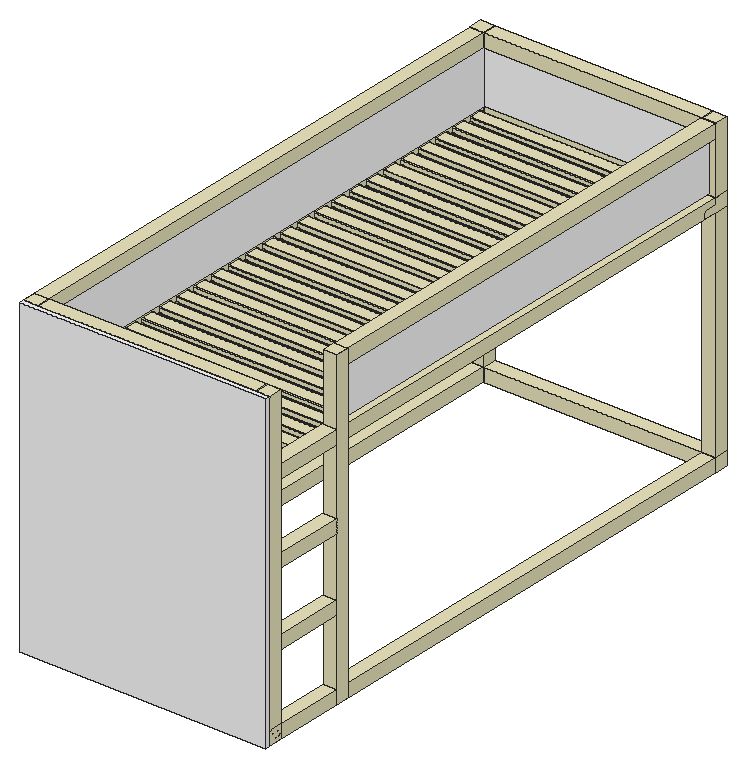
Revit family "Ikea KURA", category Furniture, Revit 2015
Parameters (values of type "2083 x 0915 x 1500mm")
  Frame Material = Wood - Birch
  Height = 1500.00 mm
  Length = 2090.00 mm
  Mattress Material = Textile - White
  Width = 910.00 mm
Types (2, lengths in mm): name | Height | Width
  2083 x 0915 x 1500mm | 1500.00 | 910.00
  KURA-Ikea | 1160.00 | 915.00
Reference planes
  plane 1: z = 0
  plane 2 "Center (Left/Right)": x = 405.982
  plane 3: y = 654.007
  plane 4: y = -1435.993
  plane 5: x = 860.982
  plane 6: x = -49.018
  plane 7: z = 914.182
  plane 8: z = 1160
  plane 9: y = 523.407
  plane 10: y = 167.807
Forms (mm)
  Extrusion 1, solid, material "Wood - Birch" <- "Frame Material"
    sketch origin (0, 0, 0) x (1, 0, 0) y (0, 1, 0)
      loop
        line (-49.018, 679.407) -> (-49.018, 628.607) -> (1.782, 628.607) -> (1.782, 679.407) -> (-49.018, 679.407)
      loop
        line (860.982, 679.407) -> (810.182, 679.407) -> (810.182, 628.607) -> (860.982, 628.607) -> (860.982, 679.407)
      loop
        line (-49.018, -1435.993) -> (1.782, -1435.993) -> (1.782, -1385.193) -> (-49.018, -1385.193) -> (-49.018, -1435.993)
      loop
        line (860.982, -1435.993) -> (860.982, -1385.193) -> (810.182, -1385.193) -> (810.182, -1435.993) -> (860.982, -1435.993)
    from 0 to 1160
  Extrusion 2, solid, material "Laminated wood"
    sketch origin (0, 0, 0) x (1, 0, 0) y (0, 1, 0)
      loop
        line (-23.618, 654.007) -> (-23.618, -1410.593) -> (810.182, -1410.593) -> (810.182, -1385.193) -> (1.782, -1385.193) -> (1.782, 628.607) -> (810.182, 628.607) -> (810.182, -1074.42) -> (835.582, -1074.42) -> (835.582, 654.007) -> (-23.618, 654.007)
    from 914.182 to 1109.2
  Extrusion 3, solid, material "Wood - Birch" <- "Frame Material"
    sketch origin (-0.8, -0.4, 1160) x (1, 0, 0) y (0, 1, 0)
      loop
        line (1.782, 679.807) -> (1.782, 629.007) -> (810.182, 629.007) -> (810.182, 679.807) -> (1.782, 679.807)
      loop
        line (1.782, -1435.593) -> (810.182, -1435.593) -> (810.182, -1384.793) -> (1.782, -1384.793) -> (1.782, -1435.593)
    from -50.8 to 0
  Extrusion 4, solid, material "Wood - Birch" <- "Frame Material"
    sketch origin (-23.618, -1410.593, 1109.2) x (0, 0, -1) y (1, 0, 0)
      loop
        line (1109.2, -25.4) -> (1109.2, 25.4) -> (1059.2, 25.4) -> (1059.2, -25.4) -> (1109.2, -25.4)
    from -2090 to 25.4
  Extrusion 5, solid, material "Wood - Birch" <- "Frame Material"
    sketch origin (947.71, -1432.493, 355.6) x (0, 0, -1) y (1, 0, 0)
      loop
        line (355.6, -86.728) -> (305.6, -86.728) -> (305.6, -137.528) -> (355.6, -137.528) -> (355.6, -86.728)
    from -2111.9 to 3.5
  Extrusion 6, solid, material "Wood - Birch" <- "Frame Material"
    sketch origin (0, 0, 0) x (1, 0, 0) y (0, 1, 0)
      loop
        line (-49.018, -1385.193) -> (-49.018, -1435.993) -> (860.982, -1435.993) -> (860.982, -1385.193) -> (-49.018, -1385.193)
    from 0 to 50
  Extrusion 7, solid, material "Wood - Birch" <- "Frame Material"
    sketch origin (0, 0, 0) x (1, 0, 0) y (0, 1, 0)
      loop
        line (-49.018, 679.407) -> (-49.018, 628.607) -> (860.982, 628.607) -> (860.982, 679.407) -> (-49.018, 679.407)
    from 0 to 50
  Extrusion 8, solid, material "Wood - Birch" <- "Frame Material"
    sketch origin (-23.618, -1410.593, 1973.382) x (0, 0, -1) y (1, 0, 0)
      loop
        line (1059.2, -25.4) -> (1109.2, -25.4) -> (1109.2, 75.4) -> (1084.2, 75.4) -> (1084.2, 25.4) -> (1059.2, 25.4) -> (1059.2, -25.4)
    from -2090 to 25.4
  Extrusion 9, solid, material "Wood - Birch" <- "Frame Material"
    sketch origin (947.71, -1432.493, 1219.782) x (0, 0, -1) y (1, 0, 0)
      loop
        line (355.6, -86.728) -> (305.6, -86.728) -> (305.6, -137.528) -> (330.6, -137.528) -> (330.6, -187.528) -> (355.6, -187.528) -> (355.6, -86.728)
    from -2111.9 to 3.5
  Extrusion 10, solid, material "Wood - Birch" <- "Frame Material"
    sketch origin (-23.618, -1410.593, 2218.4) x (0, 0, -1) y (1, 0, 0)
      loop
        line (1109.2, -25.4) -> (1109.2, 25.4) -> (1058.4, 25.4) -> (1058.4, -25.4) -> (1109.2, -25.4)
    from -2090 to 25.4
  Extrusion 11, solid, material "Wood - Birch" <- "Frame Material"
    sketch origin (947.71, -1432.493, 1464.8) x (0, 0, -1) y (1, 0, 0)
      loop
        line (355.6, -86.728) -> (304.8, -86.728) -> (304.8, -137.528) -> (355.6, -137.528) -> (355.6, -86.728)
    from -2111.9 to -308
  Extrusion 12, solid, material "Wood - Birch" <- "Frame Material"
    sketch origin (810.182, -1410.593, 1109.2) x (0, 0, -1) y (0, 1, 0)
      loop
        line (195.018, -25.4) -> (245.018, -25.4) -> (245.018, 75.4) -> (220.018, 75.4) -> (220.018, 25.4) -> (195.018, 25.4) -> (195.018, -25.4)
    from 0 to -859.2
  Extrusion 13, solid, material "Wood - Birch" <- "Frame Material"
    sketch origin (810.182, -1410.593, 1109.2) x (0, 0, -1) y (0, 1, 0)
      loop
        line (195.018, 2039.2) -> (220.018, 2039.2) -> (220.018, 1989.2) -> (245.018, 1989.2) -> (245.018, 2039.2) -> (245.018, 2090) -> (195.018, 2090) -> (195.018, 2039.2)
    from -859.2 to 50.8
  Extrusion 14, solid, material "Laminated wood"
    sketch origin (860.982, -1435.993, 1160) x (0, 0, -1) y (0, 1, 0)
      loop
        line (0, 0) -> (0, -19.326) -> (1160, -19.326) -> (1160, 0) -> (0, 0)
    from -910 to 0
  Extrusion 15, solid, material "Wood - Birch" <- "Frame Material"
    sketch origin (0, 0, 0) x (1, 0, 0) y (0, 1, 0)
      loop
        line (810.182, -1124.493) -> (860.982, -1124.493) -> (860.982, -1074.42) -> (810.182, -1074.42) -> (810.182, -1124.493)
    from 0 to 1160
  Extrusion 16, solid, material "Wood - Birch" <- "Frame Material"
    sketch origin (860.982, -1124.493, 0) x (0, 1, 0) y (0, 0, -1)
      loop
        line (-260.7, -346.39) -> (0, -346.39) -> (0, -296.39) -> (-260.7, -296.39) -> (-260.7, -346.39)
      loop
        line (-260.7, -617.78) -> (0, -617.78) -> (0, -567.78) -> (-260.7, -567.78) -> (-260.7, -617.78)
    from 0 to 50.8
  Extrusion 17, solid, material "Wood - Birch" <- "Frame Material"
    sketch origin (860.982, -1432.493, 1159.2) x (0, 0, -1) y (0, 1, 0)
      loop
        arc (250.018, 76.811) -> (250.604, 75.396) -> (252.018, 74.811) r 2
        line (252.018, 74.811) -> (268.018, 74.811)
        arc (268.018, 74.811) -> (269.433, 75.396) -> (270.018, 76.811) r 2
        line (270.018, 76.811) -> (270.018, 122.811)
        arc (270.018, 122.811) -> (269.433, 124.225) -> (268.018, 124.811) r 2
        line (268.018, 124.811) -> (252.018, 124.811)
        arc (252.018, 124.811) -> (250.604, 124.225) -> (250.018, 122.811) r 2
        line (250.018, 122.811) -> (250.018, 76.811)
    from -859.2 to -50.8
  Extrusion 18, solid, material "Wood - Birch" <- "Frame Material"
    sketch origin (860.982, -1352.493, 1159.2) x (0, 0, -1) y (0, 1, 0)
      loop
        arc (250.018, 76.811) -> (250.604, 75.396) -> (252.018, 74.811) r 2
        line (252.018, 74.811) -> (268.018, 74.811)
        arc (268.018, 74.811) -> (269.433, 75.396) -> (270.018, 76.811) r 2
        line (270.018, 76.811) -> (270.018, 122.811)
        arc (270.018, 122.811) -> (269.433, 124.225) -> (268.018, 124.811) r 2
        line (268.018, 124.811) -> (252.018, 124.811)
        arc (252.018, 124.811) -> (250.604, 124.225) -> (250.018, 122.811) r 2
        line (250.018, 122.811) -> (250.018, 76.811)
    from -859.2 to -50.8
  Extrusion 19, solid, material "Wood - Birch" <- "Frame Material"
    sketch origin (860.982, -1272.493, 1159.2) x (0, 0, -1) y (0, 1, 0)
      loop
        arc (250.018, 76.811) -> (250.604, 75.396) -> (252.018, 74.811) r 2
        line (252.018, 74.811) -> (268.018, 74.811)
        arc (268.018, 74.811) -> (269.433, 75.396) -> (270.018, 76.811) r 2
        line (270.018, 76.811) -> (270.018, 122.811)
        arc (270.018, 122.811) -> (269.433, 124.225) -> (268.018, 124.811) r 2
        line (268.018, 124.811) -> (252.018, 124.811)
        arc (252.018, 124.811) -> (250.604, 124.225) -> (250.018, 122.811) r 2
        line (250.018, 122.811) -> (250.018, 76.811)
    from -859.2 to -50.8
  Extrusion 20, solid, material "Wood - Birch" <- "Frame Material"
    sketch origin (860.982, -1192.493, 1159.2) x (0, 0, -1) y (0, 1, 0)
      loop
        arc (250.018, 76.811) -> (250.604, 75.396) -> (252.018, 74.811) r 2
        line (252.018, 74.811) -> (268.018, 74.811)
        arc (268.018, 74.811) -> (269.433, 75.396) -> (270.018, 76.811) r 2
        line (270.018, 76.811) -> (270.018, 122.811)
        arc (270.018, 122.811) -> (269.433, 124.225) -> (268.018, 124.811) r 2
        line (268.018, 124.811) -> (252.018, 124.811)
        arc (252.018, 124.811) -> (250.604, 124.225) -> (250.018, 122.811) r 2
        line (250.018, 122.811) -> (250.018, 76.811)
    from -859.2 to -50.8
  Extrusion 21, solid, material "Wood - Birch" <- "Frame Material"
    sketch origin (860.982, -1112.493, 1159.2) x (0, 0, -1) y (0, 1, 0)
      loop
        arc (250.018, 76.811) -> (250.604, 75.396) -> (252.018, 74.811) r 2
        line (252.018, 74.811) -> (268.018, 74.811)
        arc (268.018, 74.811) -> (269.433, 75.396) -> (270.018, 76.811) r 2
        line (270.018, 76.811) -> (270.018, 122.811)
        arc (270.018, 122.811) -> (269.433, 124.225) -> (268.018, 124.811) r 2
        line (268.018, 124.811) -> (252.018, 124.811)
        arc (252.018, 124.811) -> (250.604, 124.225) -> (250.018, 122.811) r 2
        line (250.018, 122.811) -> (250.018, 76.811)
    from -859.2 to -50.8
  Extrusion 22, solid, material "Wood - Birch" <- "Frame Material"
    sketch origin (860.982, -1032.493, 1159.2) x (0, 0, -1) y (0, 1, 0)
      loop
        arc (250.018, 76.811) -> (250.604, 75.396) -> (252.018, 74.811) r 2
        line (252.018, 74.811) -> (268.018, 74.811)
        arc (268.018, 74.811) -> (269.433, 75.396) -> (270.018, 76.811) r 2
        line (270.018, 76.811) -> (270.018, 122.811)
        arc (270.018, 122.811) -> (269.433, 124.225) -> (268.018, 124.811) r 2
        line (268.018, 124.811) -> (252.018, 124.811)
        arc (252.018, 124.811) -> (250.604, 124.225) -> (250.018, 122.811) r 2
        line (250.018, 122.811) -> (250.018, 76.811)
    from -859.2 to -50.8
  Extrusion 23, solid, material "Wood - Birch" <- "Frame Material"
    sketch origin (860.982, -952.493, 1159.2) x (0, 0, -1) y (0, 1, 0)
      loop
        arc (250.018, 76.811) -> (250.604, 75.396) -> (252.018, 74.811) r 2
        line (252.018, 74.811) -> (268.018, 74.811)
        arc (268.018, 74.811) -> (269.433, 75.396) -> (270.018, 76.811) r 2
        line (270.018, 76.811) -> (270.018, 122.811)
        arc (270.018, 122.811) -> (269.433, 124.225) -> (268.018, 124.811) r 2
        line (268.018, 124.811) -> (252.018, 124.811)
        arc (252.018, 124.811) -> (250.604, 124.225) -> (250.018, 122.811) r 2
        line (250.018, 122.811) -> (250.018, 76.811)
    from -859.2 to -50.8
  Extrusion 24, solid, material "Wood - Birch" <- "Frame Material"
    sketch origin (860.982, -872.493, 1159.2) x (0, 0, -1) y (0, 1, 0)
      loop
        arc (250.018, 76.811) -> (250.604, 75.396) -> (252.018, 74.811) r 2
        line (252.018, 74.811) -> (268.018, 74.811)
        arc (268.018, 74.811) -> (269.433, 75.396) -> (270.018, 76.811) r 2
        line (270.018, 76.811) -> (270.018, 122.811)
        arc (270.018, 122.811) -> (269.433, 124.225) -> (268.018, 124.811) r 2
        line (268.018, 124.811) -> (252.018, 124.811)
        arc (252.018, 124.811) -> (250.604, 124.225) -> (250.018, 122.811) r 2
        line (250.018, 122.811) -> (250.018, 76.811)
    from -859.2 to -50.8
  Extrusion 25, solid, material "Wood - Birch" <- "Frame Material"
    sketch origin (860.982, -792.493, 1159.2) x (0, 0, -1) y (0, 1, 0)
      loop
        arc (250.018, 76.811) -> (250.604, 75.396) -> (252.018, 74.811) r 2
        line (252.018, 74.811) -> (268.018, 74.811)
        arc (268.018, 74.811) -> (269.433, 75.396) -> (270.018, 76.811) r 2
        line (270.018, 76.811) -> (270.018, 122.811)
        arc (270.018, 122.811) -> (269.433, 124.225) -> (268.018, 124.811) r 2
        line (268.018, 124.811) -> (252.018, 124.811)
        arc (252.018, 124.811) -> (250.604, 124.225) -> (250.018, 122.811) r 2
        line (250.018, 122.811) -> (250.018, 76.811)
    from -859.2 to -50.8
  Extrusion 26, solid, material "Wood - Birch" <- "Frame Material"
    sketch origin (860.982, -712.493, 1159.2) x (0, 0, -1) y (0, 1, 0)
      loop
        arc (250.018, 76.811) -> (250.604, 75.396) -> (252.018, 74.811) r 2
        line (252.018, 74.811) -> (268.018, 74.811)
        arc (268.018, 74.811) -> (269.433, 75.396) -> (270.018, 76.811) r 2
        line (270.018, 76.811) -> (270.018, 122.811)
        arc (270.018, 122.811) -> (269.433, 124.225) -> (268.018, 124.811) r 2
        line (268.018, 124.811) -> (252.018, 124.811)
        arc (252.018, 124.811) -> (250.604, 124.225) -> (250.018, 122.811) r 2
        line (250.018, 122.811) -> (250.018, 76.811)
    from -859.2 to -50.8
  Extrusion 27, solid, material "Wood - Birch" <- "Frame Material"
    sketch origin (860.982, -632.493, 1159.2) x (0, 0, -1) y (0, 1, 0)
      loop
        arc (250.018, 76.811) -> (250.604, 75.396) -> (252.018, 74.811) r 2
        line (252.018, 74.811) -> (268.018, 74.811)
        arc (268.018, 74.811) -> (269.433, 75.396) -> (270.018, 76.811) r 2
        line (270.018, 76.811) -> (270.018, 122.811)
        arc (270.018, 122.811) -> (269.433, 124.225) -> (268.018, 124.811) r 2
        line (268.018, 124.811) -> (252.018, 124.811)
        arc (252.018, 124.811) -> (250.604, 124.225) -> (250.018, 122.811) r 2
        line (250.018, 122.811) -> (250.018, 76.811)
    from -859.2 to -50.8
  Extrusion 28, solid, material "Wood - Birch" <- "Frame Material"
    sketch origin (860.982, -552.493, 1159.2) x (0, 0, -1) y (0, 1, 0)
      loop
        arc (250.018, 76.811) -> (250.604, 75.396) -> (252.018, 74.811) r 2
        line (252.018, 74.811) -> (268.018, 74.811)
        arc (268.018, 74.811) -> (269.433, 75.396) -> (270.018, 76.811) r 2
        line (270.018, 76.811) -> (270.018, 122.811)
        arc (270.018, 122.811) -> (269.433, 124.225) -> (268.018, 124.811) r 2
        line (268.018, 124.811) -> (252.018, 124.811)
        arc (252.018, 124.811) -> (250.604, 124.225) -> (250.018, 122.811) r 2
        line (250.018, 122.811) -> (250.018, 76.811)
    from -859.2 to -50.8
  Extrusion 29, solid, material "Wood - Birch" <- "Frame Material"
    sketch origin (860.982, -472.493, 1159.2) x (0, 0, -1) y (0, 1, 0)
      loop
        arc (250.018, 76.811) -> (250.604, 75.396) -> (252.018, 74.811) r 2
        line (252.018, 74.811) -> (268.018, 74.811)
        arc (268.018, 74.811) -> (269.433, 75.396) -> (270.018, 76.811) r 2
        line (270.018, 76.811) -> (270.018, 122.811)
        arc (270.018, 122.811) -> (269.433, 124.225) -> (268.018, 124.811) r 2
        line (268.018, 124.811) -> (252.018, 124.811)
        arc (252.018, 124.811) -> (250.604, 124.225) -> (250.018, 122.811) r 2
        line (250.018, 122.811) -> (250.018, 76.811)
    from -859.2 to -50.8
  Extrusion 30, solid, material "Wood - Birch" <- "Frame Material"
    sketch origin (860.982, -392.493, 1159.2) x (0, 0, -1) y (0, 1, 0)
      loop
        arc (250.018, 76.811) -> (250.604, 75.396) -> (252.018, 74.811) r 2
        line (252.018, 74.811) -> (268.018, 74.811)
        arc (268.018, 74.811) -> (269.433, 75.396) -> (270.018, 76.811) r 2
        line (270.018, 76.811) -> (270.018, 122.811)
        arc (270.018, 122.811) -> (269.433, 124.225) -> (268.018, 124.811) r 2
        line (268.018, 124.811) -> (252.018, 124.811)
        arc (252.018, 124.811) -> (250.604, 124.225) -> (250.018, 122.811) r 2
        line (250.018, 122.811) -> (250.018, 76.811)
    from -859.2 to -50.8
  Extrusion 31, solid, material "Wood - Birch" <- "Frame Material"
    sketch origin (860.982, -312.493, 1159.2) x (0, 0, -1) y (0, 1, 0)
      loop
        arc (250.018, 76.811) -> (250.604, 75.396) -> (252.018, 74.811) r 2
        line (252.018, 74.811) -> (268.018, 74.811)
        arc (268.018, 74.811) -> (269.433, 75.396) -> (270.018, 76.811) r 2
        line (270.018, 76.811) -> (270.018, 122.811)
        arc (270.018, 122.811) -> (269.433, 124.225) -> (268.018, 124.811) r 2
        line (268.018, 124.811) -> (252.018, 124.811)
        arc (252.018, 124.811) -> (250.604, 124.225) -> (250.018, 122.811) r 2
        line (250.018, 122.811) -> (250.018, 76.811)
    from -859.2 to -50.8
  Extrusion 32, solid, material "Wood - Birch" <- "Frame Material"
    sketch origin (860.982, -232.493, 1159.2) x (0, 0, -1) y (0, 1, 0)
      loop
        arc (250.018, 76.811) -> (250.604, 75.396) -> (252.018, 74.811) r 2
        line (252.018, 74.811) -> (268.018, 74.811)
        arc (268.018, 74.811) -> (269.433, 75.396) -> (270.018, 76.811) r 2
        line (270.018, 76.811) -> (270.018, 122.811)
        arc (270.018, 122.811) -> (269.433, 124.225) -> (268.018, 124.811) r 2
        line (268.018, 124.811) -> (252.018, 124.811)
        arc (252.018, 124.811) -> (250.604, 124.225) -> (250.018, 122.811) r 2
        line (250.018, 122.811) -> (250.018, 76.811)
    from -859.2 to -50.8
  Extrusion 33, solid, material "Wood - Birch" <- "Frame Material"
    sketch origin (860.982, -152.493, 1159.2) x (0, 0, -1) y (0, 1, 0)
      loop
        arc (250.018, 76.811) -> (250.604, 75.396) -> (252.018, 74.811) r 2
        line (252.018, 74.811) -> (268.018, 74.811)
        arc (268.018, 74.811) -> (269.433, 75.396) -> (270.018, 76.811) r 2
        line (270.018, 76.811) -> (270.018, 122.811)
        arc (270.018, 122.811) -> (269.433, 124.225) -> (268.018, 124.811) r 2
        line (268.018, 124.811) -> (252.018, 124.811)
        arc (252.018, 124.811) -> (250.604, 124.225) -> (250.018, 122.811) r 2
        line (250.018, 122.811) -> (250.018, 76.811)
    from -859.2 to -50.8
  Extrusion 34, solid, material "Wood - Birch" <- "Frame Material"
    sketch origin (860.982, -72.493, 1159.2) x (0, 0, -1) y (0, 1, 0)
      loop
        arc (250.018, 76.811) -> (250.604, 75.396) -> (252.018, 74.811) r 2
        line (252.018, 74.811) -> (268.018, 74.811)
        arc (268.018, 74.811) -> (269.433, 75.396) -> (270.018, 76.811) r 2
        line (270.018, 76.811) -> (270.018, 122.811)
        arc (270.018, 122.811) -> (269.433, 124.225) -> (268.018, 124.811) r 2
        line (268.018, 124.811) -> (252.018, 124.811)
        arc (252.018, 124.811) -> (250.604, 124.225) -> (250.018, 122.811) r 2
        line (250.018, 122.811) -> (250.018, 76.811)
    from -859.2 to -50.8
  Extrusion 35, solid, material "Wood - Birch" <- "Frame Material"
    sketch origin (860.982, 7.507, 1159.2) x (0, 0, -1) y (0, 1, 0)
      loop
        arc (250.018, 76.811) -> (250.604, 75.396) -> (252.018, 74.811) r 2
        line (252.018, 74.811) -> (268.018, 74.811)
        arc (268.018, 74.811) -> (269.433, 75.396) -> (270.018, 76.811) r 2
        line (270.018, 76.811) -> (270.018, 122.811)
        arc (270.018, 122.811) -> (269.433, 124.225) -> (268.018, 124.811) r 2
        line (268.018, 124.811) -> (252.018, 124.811)
        arc (252.018, 124.811) -> (250.604, 124.225) -> (250.018, 122.811) r 2
        line (250.018, 122.811) -> (250.018, 76.811)
    from -859.2 to -50.8
  Extrusion 36, solid, material "Wood - Birch" <- "Frame Material"
    sketch origin (860.982, 87.507, 1159.2) x (0, 0, -1) y (0, 1, 0)
      loop
        arc (250.018, 76.811) -> (250.604, 75.396) -> (252.018, 74.811) r 2
        line (252.018, 74.811) -> (268.018, 74.811)
        arc (268.018, 74.811) -> (269.433, 75.396) -> (270.018, 76.811) r 2
        line (270.018, 76.811) -> (270.018, 122.811)
        arc (270.018, 122.811) -> (269.433, 124.225) -> (268.018, 124.811) r 2
        line (268.018, 124.811) -> (252.018, 124.811)
        arc (252.018, 124.811) -> (250.604, 124.225) -> (250.018, 122.811) r 2
        line (250.018, 122.811) -> (250.018, 76.811)
    from -859.2 to -50.8
  Extrusion 37, solid, material "Wood - Birch" <- "Frame Material"
    sketch origin (860.982, 167.507, 1159.2) x (0, 0, -1) y (0, 1, 0)
      loop
        arc (250.018, 76.811) -> (250.604, 75.396) -> (252.018, 74.811) r 2
        line (252.018, 74.811) -> (268.018, 74.811)
        arc (268.018, 74.811) -> (269.433, 75.396) -> (270.018, 76.811) r 2
        line (270.018, 76.811) -> (270.018, 122.811)
        arc (270.018, 122.811) -> (269.433, 124.225) -> (268.018, 124.811) r 2
        line (268.018, 124.811) -> (252.018, 124.811)
        arc (252.018, 124.811) -> (250.604, 124.225) -> (250.018, 122.811) r 2
        line (250.018, 122.811) -> (250.018, 76.811)
    from -859.2 to -50.8
  Extrusion 38, solid, material "Wood - Birch" <- "Frame Material"
    sketch origin (860.982, 247.507, 1159.2) x (0, 0, -1) y (0, 1, 0)
      loop
        arc (250.018, 76.811) -> (250.604, 75.396) -> (252.018, 74.811) r 2
        line (252.018, 74.811) -> (268.018, 74.811)
        arc (268.018, 74.811) -> (269.433, 75.396) -> (270.018, 76.811) r 2
        line (270.018, 76.811) -> (270.018, 122.811)
        arc (270.018, 122.811) -> (269.433, 124.225) -> (268.018, 124.811) r 2
        line (268.018, 124.811) -> (252.018, 124.811)
        arc (252.018, 124.811) -> (250.604, 124.225) -> (250.018, 122.811) r 2
        line (250.018, 122.811) -> (250.018, 76.811)
    from -859.2 to -50.8
  Extrusion 39, solid, material "Wood - Birch" <- "Frame Material"
    sketch origin (860.982, 327.507, 1159.2) x (0, 0, -1) y (0, 1, 0)
      loop
        arc (250.018, 76.811) -> (250.604, 75.396) -> (252.018, 74.811) r 2
        line (252.018, 74.811) -> (268.018, 74.811)
        arc (268.018, 74.811) -> (269.433, 75.396) -> (270.018, 76.811) r 2
        line (270.018, 76.811) -> (270.018, 122.811)
        arc (270.018, 122.811) -> (269.433, 124.225) -> (268.018, 124.811) r 2
        line (268.018, 124.811) -> (252.018, 124.811)
        arc (252.018, 124.811) -> (250.604, 124.225) -> (250.018, 122.811) r 2
        line (250.018, 122.811) -> (250.018, 76.811)
    from -859.2 to -50.8
  Extrusion 40, solid, material "Wood - Birch" <- "Frame Material"
    sketch origin (860.982, 407.507, 1159.2) x (0, 0, -1) y (0, 1, 0)
      loop
        arc (250.018, 76.811) -> (250.604, 75.396) -> (252.018, 74.811) r 2
        line (252.018, 74.811) -> (268.018, 74.811)
        arc (268.018, 74.811) -> (269.433, 75.396) -> (270.018, 76.811) r 2
        line (270.018, 76.811) -> (270.018, 122.811)
        arc (270.018, 122.811) -> (269.433, 124.225) -> (268.018, 124.811) r 2
        line (268.018, 124.811) -> (252.018, 124.811)
        arc (252.018, 124.811) -> (250.604, 124.225) -> (250.018, 122.811) r 2
        line (250.018, 122.811) -> (250.018, 76.811)
    from -859.2 to -50.8
  Extrusion 41, solid, material "Wood - Birch" <- "Frame Material"
    sketch origin (860.982, 487.507, 1159.2) x (0, 0, -1) y (0, 1, 0)
      loop
        arc (250.018, 76.811) -> (250.604, 75.396) -> (252.018, 74.811) r 2
        line (252.018, 74.811) -> (268.018, 74.811)
        arc (268.018, 74.811) -> (269.433, 75.396) -> (270.018, 76.811) r 2
        line (270.018, 76.811) -> (270.018, 122.811)
        arc (270.018, 122.811) -> (269.433, 124.225) -> (268.018, 124.811) r 2
        line (268.018, 124.811) -> (252.018, 124.811)
        arc (252.018, 124.811) -> (250.604, 124.225) -> (250.018, 122.811) r 2
        line (250.018, 122.811) -> (250.018, 76.811)
    from -859.2 to -50.8
Lines and regions (mm)
  symbolic lines
    curve 1: line (-49.018, 654.007, 0) -> (860.982, 654.007, 0)
    curve 2: line (-49.018, 654.007, 0) -> (-49.018, -1435.993, 0)
    curve 3: line (-49.018, -1435.993, 0) -> (860.982, -1435.993, 0)
    curve 4: line (860.982, 654.007, 0) -> (860.982, -1435.993, 0)
    curve 5: line (-49.018, 654.007, 0) -> (1.782, 654.007, 0)
    curve 6: line (-49.018, 654.007, 0) -> (-49.018, 603.207, 0)
    curve 7: line (-49.018, 603.207, 0) -> (1.782, 603.207, 0)
    curve 8: line (1.782, 654.007, 0) -> (1.782, 603.207, 0)
    curve 9: line (810.182, 603.207, 0) -> (860.982, 603.207, 0)
    curve 10: line (810.182, 603.207, 0) -> (810.182, 654.007, 0)
    curve 11: line (810.182, 654.007, 0) -> (860.982, 654.007, 0)
    curve 12: line (860.982, 603.207, 0) -> (860.982, 654.007, 0)
    curve 13: line (1.782, -1385.193, 0) -> (-49.018, -1385.193, 0)
    curve 14: line (1.782, -1385.193, 0) -> (1.782, -1435.993, 0)
    curve 15: line (1.782, -1435.993, 0) -> (-49.018, -1435.993, 0)
    curve 16: line (-49.018, -1385.193, 0) -> (-49.018, -1435.993, 0)
    curve 17: line (860.982, -1435.993, 0) -> (810.182, -1435.993, 0)
    curve 18: line (860.982, -1435.993, 0) -> (860.982, -1385.193, 0)
    curve 19: line (860.982, -1385.193, 0) -> (810.182, -1385.193, 0)
    curve 20: line (810.182, -1435.993, 0) -> (810.182, -1385.193, 0)
    curve 21: line (154.182, 523.507, 0) -> (505.382, 523.507, 0)
    curve 22: line (154.182, 523.507, 0) -> (154.182, 167.907, 0)
    curve 23: line (154.182, 167.907, 0) -> (505.382, 167.907, 0)
    curve 24: line (505.382, 523.507, 0) -> (505.382, 167.907, 0)
    curve 25: line (835.582, 167.907, 0) -> (-23.618, -63.494, 0)
    curve 26: line (-23.618, 603.207, 0) -> (835.582, 603.207, 0)
    curve 27: line (-23.618, 603.207, 0) -> (-23.618, -1385.193, 0)
    curve 28: line (-23.618, -1385.193, 0) -> (820.582, -1385.193, 0)
    curve 29: line (835.582, 603.207, 0) -> (835.582, -1385.193, 0)
    curve 30: line (820.582, -1385.193, 0) -> (835.582, -1385.193, 0)
Dimensions and locks
  equal spacing: plane 6, plane 2 "Center (Left/Right)", plane 5
  plane 4 to plane 3 = 2090.00 mm  (x2)
  "Width": plane 6 to plane 5
  "Length": plane 4 to plane 3
  plane 1 to plane 8 = 1160.00 mm
  Extrusion 2 to curve 22 = 177.80 mm
  curve 24 to Extrusion 2 = 304.80 mm
  locked: curve 23 to curve 21 at 355.6
  Extrusion 3 to Extrusion 2 = 195.018 mm
  Extrusion 5 to Extrusion 9 = 814.182 mm
  aligned and locked: Extrusion 1 to plane 8
Automatic sketch dimensions
  plane 3 to curve 1 = 0.00 mm
  curve 1 to plane 6 = 0.00 mm
  plane 4 to curve 15 = 0.00 mm
  curve 18 to plane 5 = 0.00 mm
  curve 27 to plane 6 = 25.40 mm
  curve 8 to plane 6 = 50.80 mm
  curve 2 to curve 15 = 50.80 mm
  plane 5 to curve 17 = 50.80 mm
  plane 5 to curve 11 = 50.80 mm
  curve 19 to curve 30 = 10.40 mm
  plane 5 to curve 26 = 25.40 mm
  curve 17 to curve 19 = 50.80 mm
  curve 27 to plane 4 = 50.80 mm
  curve 16 to curve 27 = 0.00 mm
  plane 10 to curve 24 = 0.10 mm
  curve 7 to curve 5 = 50.80 mm
  curve 6 to curve 27 = 0.00 mm
  curve 9 to curve 26 = 0.00 mm
  curve 25 to plane 10 = 231.301 mm
  plane 10 to curve 25 = 0.10 mm
  Extrusion 1 sketch curve to plane 6 = 0.00 mm  (x2)
  plane 4 to Extrusion 1 sketch curve = 0.00 mm  (x2)
  Extrusion 1 sketch curve to plane 5 = 0.00 mm  (x2)
  Extrusion 1 sketch curve to Extrusion 1 sketch curve = 50.80 mm  (x3)
  plane 5 to Extrusion 1 sketch curve = 50.80 mm
  Extrusion 1 sketch curve to plane 4 = 50.80 mm  (x2)
  plane 3 to Extrusion 1 sketch curve = 25.40 mm  (x2)
  Extrusion 1 sketch curve to plane 3 = 25.40 mm  (x2)
  plane 3 to Extrusion 2 sketch curve = 0.00 mm
  Extrusion 2 sketch curve to plane 6 = 25.40 mm
  Extrusion 2 sketch curve to Extrusion 2 sketch curve = 25.40 mm  (x2)
  plane 3 to Extrusion 2 sketch curve = 25.40 mm
  plane 5 to Extrusion 2 sketch curve = 50.80 mm  (x2)
  Extrusion 2 sketch curve to plane 4 = 25.40 mm
  plane 5 to Extrusion 2 sketch curve = 25.40 mm
  Extrusion 2 sketch curve to Extrusion 2 sketch curve = 310.773 mm
  Extrusion 3 sketch curve to Extrusion 1 = 0.00 mm  (x2)
  Extrusion 1 to Extrusion 3 sketch curve = 0.00 mm  (x2)
  Extrusion 3 sketch curve to Extrusion 1 = 0.80 mm  (x2)
  Extrusion 1 to Extrusion 3 sketch curve = 0.80 mm  (x2)
  Extrusion 2 to Extrusion 4 sketch curve = 25.40 mm
  Extrusion 4 sketch curve to Extrusion 2 = 864.182 mm
  Extrusion 4 sketch curve to Extrusion 4 sketch curve = 50.00 mm
  Extrusion 4 sketch curve to Extrusion 2 = 25.40 mm
  plane 5 to Extrusion 5 sketch curve = 0.00 mm
  Extrusion 5 sketch curve to level = 0.00 mm
  level to Extrusion 5 sketch curve = 50.00 mm
  Extrusion 5 sketch curve to Extrusion 5 sketch curve = 50.80 mm
  plane 4 to Extrusion 6 sketch curve = 0.00 mm
  Extrusion 6 sketch curve to plane 6 = 0.00 mm
  Extrusion 6 sketch curve to plane 5 = 0.00 mm
  Extrusion 6 sketch curve to plane 4 = 50.80 mm
  Extrusion 7 sketch curve to plane 6 = 0.00 mm
  Extrusion 7 sketch curve to plane 5 = 0.00 mm
  plane 3 to Extrusion 7 sketch curve = 25.40 mm
  Extrusion 7 sketch curve to plane 3 = 25.40 mm
  Extrusion 8 sketch curve to Extrusion 2 = 0.00 mm
  Extrusion 8 sketch curve to Extrusion 2 = 25.00 mm
  Extrusion 8 sketch curve to Extrusion 2 = 50.00 mm
  Extrusion 2 to Extrusion 8 sketch curve = 25.40 mm
  Extrusion 8 sketch curve to Extrusion 2 = 25.40 mm
  Extrusion 8 sketch curve to Extrusion 8 sketch curve = 50.00 mm
  Extrusion 9 sketch curve to plane 7 = 0.00 mm
  plane 5 to Extrusion 9 sketch curve = 0.00 mm
  plane 7 to Extrusion 9 sketch curve = 25.00 mm
  Extrusion 9 sketch curve to Extrusion 9 sketch curve = 25.00 mm
  Extrusion 9 sketch curve to Extrusion 9 sketch curve = 50.80 mm
  Extrusion 9 sketch curve to Extrusion 9 sketch curve = 50.00 mm
  Extrusion 10 sketch curve to Extrusion 2 = 0.00 mm
  Extrusion 10 sketch curve to Extrusion 10 sketch curve = 50.80 mm
  Extrusion 2 to Extrusion 10 sketch curve = 25.40 mm
  Extrusion 10 sketch curve to Extrusion 2 = 25.40 mm
  plane 5 to Extrusion 11 sketch curve = 0.00 mm
  Extrusion 11 sketch curve to plane 8 = 0.00 mm
  Extrusion 11 sketch curve to Extrusion 11 sketch curve = 50.80 mm  (x2)
  Extrusion 12 sketch curve to Extrusion 2 = 0.00 mm  (x2)
  Extrusion 12 sketch curve to Extrusion 2 = 25.00 mm
  Extrusion 12 sketch curve to Extrusion 2 = 50.00 mm  (x2)
  Extrusion 2 to Extrusion 12 sketch curve = 25.40 mm
  Extrusion 2 to Extrusion 13 sketch curve = 0.00 mm
  Extrusion 13 sketch curve to Extrusion 2 = 25.00 mm
  Extrusion 13 sketch curve to Extrusion 13 sketch curve = 25.00 mm
  Extrusion 13 sketch curve to Extrusion 2 = 1963.80 mm
  Extrusion 13 sketch curve to Extrusion 13 sketch curve = 50.00 mm
  Extrusion 13 sketch curve to Extrusion 13 sketch curve = 0.00 mm
  Extrusion 13 sketch curve to Extrusion 13 sketch curve = 50.80 mm
  Extrusion 14 sketch curve to Extrusion 1 = 0.00 mm  (x3)
  Extrusion 1 to Extrusion 14 sketch curve = 19.326 mm
  Extrusion 15 sketch curve to plane 5 = 0.00 mm
  plane 5 to Extrusion 15 sketch curve = 50.80 mm
  Extrusion 15 sketch curve to plane 4 = 311.50 mm
  Extrusion 15 sketch curve to Extrusion 15 sketch curve = 50.073 mm
  Extrusion 16 sketch curve to Extrusion 15 = 0.00 mm  (x2)
  Extrusion 16 sketch curve to Extrusion 15 = 260.70 mm  (x2)
  Extrusion 16 sketch curve to Extrusion 15 = 542.22 mm
  Extrusion 16 sketch curve to Extrusion 16 sketch curve = 50.00 mm  (x2)
  Extrusion 16 sketch curve to Extrusion 16 sketch curve = 221.39 mm
  Extrusion 11 to Extrusion 17 sketch curve = 200.018 mm
  Extrusion 17 sketch curve to Extrusion 17 sketch curve = 2.00 mm  (x3)
  Extrusion 17 sketch curve to Extrusion 17 sketch curve = 16.00 mm  (x2)
  Extrusion 17 sketch curve to Extrusion 11 = 233.189 mm
  Extrusion 17 sketch curve to Extrusion 17 sketch curve = 46.00 mm
  Extrusion 11 to Extrusion 18 sketch curve = 200.018 mm
  Extrusion 18 sketch curve to Extrusion 18 sketch curve = 2.00 mm  (x3)
  Extrusion 18 sketch curve to Extrusion 18 sketch curve = 16.00 mm  (x2)
  Extrusion 18 sketch curve to Extrusion 11 = 153.189 mm
  Extrusion 18 sketch curve to Extrusion 18 sketch curve = 46.00 mm
  Extrusion 19 sketch curve to Extrusion 11 = 71.189 mm
  Extrusion 11 to Extrusion 19 sketch curve = 200.018 mm
  Extrusion 19 sketch curve to Extrusion 19 sketch curve = 2.00 mm  (x3)
  Extrusion 19 sketch curve to Extrusion 19 sketch curve = 16.00 mm  (x2)
  Extrusion 19 sketch curve to Extrusion 11 = 25.189 mm
  Extrusion 11 to Extrusion 20 sketch curve = 8.811 mm  (x2)
  Extrusion 11 to Extrusion 20 sketch curve = 200.018 mm
  Extrusion 20 sketch curve to Extrusion 20 sketch curve = 2.00 mm  (x3)
  Extrusion 20 sketch curve to Extrusion 20 sketch curve = 16.00 mm
  Extrusion 20 sketch curve to Extrusion 20 sketch curve = 46.00 mm
  Extrusion 11 to Extrusion 21 sketch curve = 88.811 mm
  Extrusion 11 to Extrusion 21 sketch curve = 200.018 mm
  Extrusion 21 sketch curve to Extrusion 21 sketch curve = 2.00 mm  (x3)
  Extrusion 21 sketch curve to Extrusion 21 sketch curve = 16.00 mm  (x2)
  Extrusion 21 sketch curve to Extrusion 21 sketch curve = 46.00 mm
  Extrusion 11 to Extrusion 22 sketch curve = 200.018 mm
  Extrusion 22 sketch curve to Extrusion 22 sketch curve = 2.00 mm  (x3)
  Extrusion 22 sketch curve to Extrusion 22 sketch curve = 16.00 mm  (x2)
  Extrusion 11 to Extrusion 22 sketch curve = 166.811 mm
  Extrusion 22 sketch curve to Extrusion 22 sketch curve = 46.00 mm
  Extrusion 11 to Extrusion 23 sketch curve = 200.018 mm
  Extrusion 23 sketch curve to Extrusion 23 sketch curve = 2.00 mm  (x3)
  Extrusion 23 sketch curve to Extrusion 23 sketch curve = 16.00 mm  (x2)
  Extrusion 11 to Extrusion 23 sketch curve = 246.811 mm
  Extrusion 23 sketch curve to Extrusion 23 sketch curve = 46.00 mm
  Extrusion 11 to Extrusion 24 sketch curve = 200.018 mm
  Extrusion 24 sketch curve to Extrusion 24 sketch curve = 2.00 mm  (x3)
  Extrusion 24 sketch curve to Extrusion 24 sketch curve = 16.00 mm  (x2)
  Extrusion 11 to Extrusion 24 sketch curve = 326.811 mm
  Extrusion 24 sketch curve to Extrusion 24 sketch curve = 46.00 mm
  Extrusion 11 to Extrusion 25 sketch curve = 200.018 mm
  Extrusion 25 sketch curve to Extrusion 25 sketch curve = 2.00 mm  (x3)
  Extrusion 25 sketch curve to Extrusion 25 sketch curve = 16.00 mm  (x2)
  Extrusion 11 to Extrusion 25 sketch curve = 406.811 mm
  Extrusion 25 sketch curve to Extrusion 25 sketch curve = 46.00 mm
  Extrusion 11 to Extrusion 26 sketch curve = 200.018 mm
  Extrusion 26 sketch curve to Extrusion 26 sketch curve = 2.00 mm  (x3)
  Extrusion 26 sketch curve to Extrusion 26 sketch curve = 16.00 mm  (x2)
  Extrusion 11 to Extrusion 26 sketch curve = 486.811 mm
  Extrusion 26 sketch curve to Extrusion 26 sketch curve = 46.00 mm
  Extrusion 11 to Extrusion 27 sketch curve = 200.018 mm
  Extrusion 27 sketch curve to Extrusion 27 sketch curve = 2.00 mm  (x3)
  Extrusion 27 sketch curve to Extrusion 27 sketch curve = 16.00 mm  (x2)
  Extrusion 11 to Extrusion 27 sketch curve = 566.811 mm
  Extrusion 27 sketch curve to Extrusion 27 sketch curve = 46.00 mm
  Extrusion 11 to Extrusion 28 sketch curve = 200.018 mm
  Extrusion 28 sketch curve to Extrusion 28 sketch curve = 2.00 mm  (x3)
  Extrusion 28 sketch curve to Extrusion 28 sketch curve = 16.00 mm  (x2)
  Extrusion 11 to Extrusion 28 sketch curve = 646.811 mm
  Extrusion 28 sketch curve to Extrusion 28 sketch curve = 46.00 mm
  Extrusion 11 to Extrusion 29 sketch curve = 200.018 mm
  Extrusion 29 sketch curve to Extrusion 29 sketch curve = 2.00 mm  (x3)
  Extrusion 29 sketch curve to Extrusion 29 sketch curve = 16.00 mm  (x2)
  Extrusion 11 to Extrusion 29 sketch curve = 726.811 mm
  Extrusion 29 sketch curve to Extrusion 29 sketch curve = 46.00 mm
  Extrusion 11 to Extrusion 30 sketch curve = 200.018 mm
  Extrusion 30 sketch curve to Extrusion 30 sketch curve = 2.00 mm  (x3)
  Extrusion 30 sketch curve to Extrusion 30 sketch curve = 16.00 mm  (x2)
  Extrusion 11 to Extrusion 30 sketch curve = 806.811 mm
  Extrusion 30 sketch curve to Extrusion 30 sketch curve = 46.00 mm
  Extrusion 11 to Extrusion 31 sketch curve = 200.018 mm
  Extrusion 31 sketch curve to Extrusion 31 sketch curve = 2.00 mm  (x3)
  Extrusion 31 sketch curve to Extrusion 31 sketch curve = 16.00 mm  (x2)
  Extrusion 11 to Extrusion 31 sketch curve = 886.811 mm
  Extrusion 31 sketch curve to Extrusion 31 sketch curve = 46.00 mm
  Extrusion 11 to Extrusion 32 sketch curve = 200.018 mm
  Extrusion 32 sketch curve to Extrusion 32 sketch curve = 2.00 mm  (x3)
  Extrusion 32 sketch curve to Extrusion 32 sketch curve = 16.00 mm  (x2)
  Extrusion 11 to Extrusion 32 sketch curve = 837.089 mm
  Extrusion 32 sketch curve to Extrusion 32 sketch curve = 46.00 mm
  Extrusion 11 to Extrusion 33 sketch curve = 200.018 mm
  Extrusion 33 sketch curve to Extrusion 33 sketch curve = 2.00 mm  (x3)
  Extrusion 33 sketch curve to Extrusion 33 sketch curve = 16.00 mm  (x2)
  Extrusion 11 to Extrusion 33 sketch curve = 757.089 mm
  Extrusion 33 sketch curve to Extrusion 33 sketch curve = 46.00 mm
  Extrusion 11 to Extrusion 34 sketch curve = 200.018 mm
  Extrusion 34 sketch curve to Extrusion 34 sketch curve = 2.00 mm  (x3)
  Extrusion 34 sketch curve to Extrusion 34 sketch curve = 16.00 mm  (x2)
  Extrusion 11 to Extrusion 34 sketch curve = 677.089 mm
  Extrusion 34 sketch curve to Extrusion 34 sketch curve = 46.00 mm
  Extrusion 11 to Extrusion 35 sketch curve = 200.018 mm
  Extrusion 35 sketch curve to Extrusion 35 sketch curve = 2.00 mm  (x3)
  Extrusion 35 sketch curve to Extrusion 35 sketch curve = 16.00 mm  (x2)
  Extrusion 11 to Extrusion 35 sketch curve = 597.089 mm
  Extrusion 35 sketch curve to Extrusion 35 sketch curve = 46.00 mm
  Extrusion 11 to Extrusion 36 sketch curve = 200.018 mm
  Extrusion 36 sketch curve to Extrusion 36 sketch curve = 2.00 mm  (x3)
  Extrusion 36 sketch curve to Extrusion 36 sketch curve = 16.00 mm  (x2)
  Extrusion 11 to Extrusion 36 sketch curve = 517.089 mm
  Extrusion 36 sketch curve to Extrusion 36 sketch curve = 46.00 mm
  Extrusion 11 to Extrusion 37 sketch curve = 200.018 mm
  Extrusion 37 sketch curve to Extrusion 37 sketch curve = 2.00 mm  (x3)
  Extrusion 37 sketch curve to Extrusion 37 sketch curve = 16.00 mm  (x2)
  Extrusion 11 to Extrusion 37 sketch curve = 437.089 mm
  Extrusion 37 sketch curve to Extrusion 37 sketch curve = 46.00 mm
  Extrusion 11 to Extrusion 38 sketch curve = 200.018 mm
  Extrusion 38 sketch curve to Extrusion 38 sketch curve = 2.00 mm  (x3)
  Extrusion 38 sketch curve to Extrusion 38 sketch curve = 16.00 mm  (x2)
  Extrusion 11 to Extrusion 38 sketch curve = 357.089 mm
  Extrusion 38 sketch curve to Extrusion 38 sketch curve = 46.00 mm
  Extrusion 11 to Extrusion 39 sketch curve = 200.018 mm
  Extrusion 39 sketch curve to Extrusion 39 sketch curve = 2.00 mm  (x3)
  Extrusion 39 sketch curve to Extrusion 39 sketch curve = 16.00 mm  (x2)
  Extrusion 11 to Extrusion 39 sketch curve = 277.089 mm
  Extrusion 39 sketch curve to Extrusion 39 sketch curve = 46.00 mm
  Extrusion 11 to Extrusion 40 sketch curve = 200.018 mm
  Extrusion 40 sketch curve to Extrusion 40 sketch curve = 2.00 mm  (x3)
  Extrusion 40 sketch curve to Extrusion 40 sketch curve = 16.00 mm  (x2)
  Extrusion 11 to Extrusion 40 sketch curve = 197.089 mm
  Extrusion 40 sketch curve to Extrusion 40 sketch curve = 46.00 mm
  Extrusion 11 to Extrusion 41 sketch curve = 115.089 mm
  Extrusion 11 to Extrusion 41 sketch curve = 200.018 mm
  Extrusion 41 sketch curve to Extrusion 41 sketch curve = 2.00 mm  (x3)
  Extrusion 41 sketch curve to Extrusion 41 sketch curve = 16.00 mm  (x2)
  Extrusion 41 sketch curve to Extrusion 41 sketch curve = 46.00 mm
